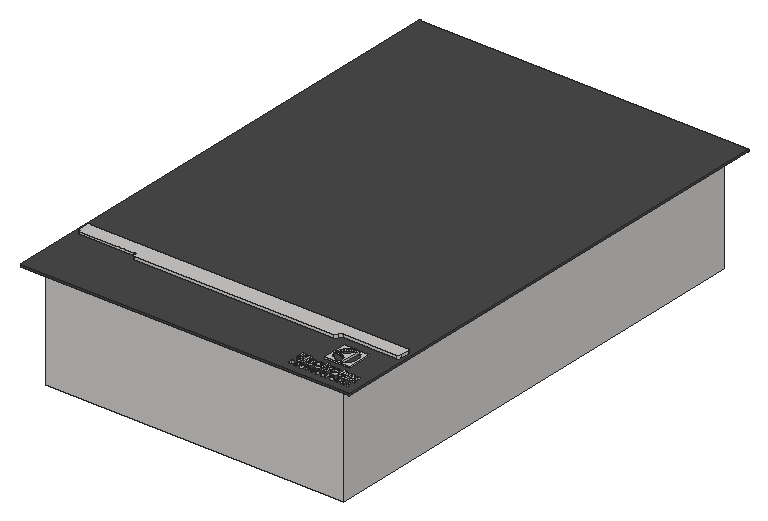
Revit family "QF_ELECTROLUXPROFESSIONAL_600902_E1HAEDOMCU", category Specialty Equipment, Revit 2018
Family settings
  Round Connector Dimension = Use Diameter
  Part Type = Normal
  Work Plane-Based = No
  Always vertical = Yes
  Cut with Voids When Loaded = No
  Shared = No
  Room Calculation Point = No
Parameters (values of type "Standard")
  Watts = 0 W
  Volts = 220 V
  URL = "http://professional.electrolux.com"
  Steam Supply Size = 0 mm
  Steam Supply Minimum Pressure = 0.0 Pa
  Steam Supply Maximum Pressure = 0.0 Pa
  Steam Pounds per Hour = 0
  Show Logo [instance] = yes
  Manufacturer = "Electrolux Professional"
  Phase = 1
  Model = "E1HAEDOMCS"
  Item Number = "600878"
  Hot Water Size = 0 mm
  HP = "4 HP"
  Gas Size = 0 mm
  Gas KW = 0
  Direct Waste Size = 0 mm
  Description = "PLUG-IN INDUCTION DOUBLE ZONE COOK TOP, DROP-IN"
  Cycle = 60 Hz
  Condensate Return Size = 0 mm
  Compressed Air Volume = 0.0 L/s
  Compressed Air Size = 0 mm
  Compressed Air Pressure = 0.0 Pa
  Cold Water Size = 0 mm
Values of the unnamed type that differ from the named types
  Volts = 0 V
  Item Number = ""
  Cycle = 0 Hz
Reference planes
  plane 1 "Centro (Fronte/Retro)": y = 74.737
  plane 2: z = 0
  plane 3: x = -514.269
  plane 4 "LEFT": x = -709.269
  plane 5 "RIGHT": x = -319.269
  plane 6 "BACK": y = 369.737
  plane 7 "FRONT": y = -220.263
  plane 8: y = -124.263
  plane 9: z = 774
  plane 10: x = -690.269
  plane 11: x = -338.269
  plane 12: y = 355.737
  plane 13: y = -205.263
  plane 14: x = -442.269
  plane 15: y = 179.737
  plane 16: z = 900
Forms (mm)
  Extrusion 1, solid, material "QF_Finishes_Stainless Steel"
    sketch origin (0, 0, 774) x (1, 0, 0) y (0, 1, 0)
      loop
        line (-341.269, 352.737) -> (-687.269, 352.737) -> (-687.269, -202.263) -> (-341.269, -202.263) -> (-341.269, 352.737)
      loop
        line (-690.269, 355.737) -> (-690.269, -205.263) -> (-338.269, -205.263) -> (-338.269, 355.737) -> (-690.269, 355.737)
    from 21 to 126
  Extrusion 2, solid, material "QF_Finishes_Black"
    sketch origin (0, 0, 900) x (-1, 0, 0) y (0, -1, 0)
      loop
        arc (707.269, -369.737) -> (708.683, -369.151) -> (709.269, -367.737) r 2
        line (709.269, -367.737) -> (709.269, 218.263)
        arc (709.269, 218.263) -> (708.683, 219.677) -> (707.269, 220.263) r 2
        line (707.269, 220.263) -> (321.269, 220.263)
        arc (321.269, 220.263) -> (319.854, 219.677) -> (319.269, 218.263) r 2
        line (319.269, 218.263) -> (319.269, -367.737)
        arc (319.269, -367.737) -> (319.854, -369.151) -> (321.269, -369.737) r 2
        line (321.269, -369.737) -> (707.269, -369.737)
    from 0 to 2
  Extrusion 3, solid, material "QF_Finishes_Stainless Steel"
    sketch origin (0, 0, 900) x (-1, 0, 0) y (0, -1, 0)
      loop
        arc (701.269, 124.263) -> (703.39, 125.142) -> (704.269, 127.263) r 3
        line (704.269, 127.263) -> (704.269, 137.763)
        arc (704.269, 137.763) -> (703.39, 139.884) -> (701.269, 140.763) r 3
        line (701.269, 140.763) -> (637.269, 140.763)
        arc (637.269, 140.763) -> (635.147, 141.642) -> (634.269, 143.763) r 3
        arc (634.269, 143.763) -> (633.39, 145.884) -> (631.269, 146.763) r 3
        line (631.269, 146.763) -> (397.269, 146.763)
        arc (397.269, 146.763) -> (395.147, 145.884) -> (394.269, 143.763) r 3
        arc (394.269, 143.763) -> (393.39, 141.642) -> (391.269, 140.763) r 3
        line (391.269, 140.763) -> (327.269, 140.763)
        arc (327.269, 140.763) -> (325.147, 139.884) -> (324.269, 137.763) r 3
        line (324.269, 137.763) -> (324.269, 127.263)
        arc (324.269, 127.263) -> (325.147, 125.142) -> (327.269, 124.263) r 3
        line (327.269, 124.263) -> (701.269, 124.263)
    from 2 to 5
  Extrusion 4, solid, material "QF_Finishes_Stainless Steel"
    sketch origin (0, 0, 775) x (1, 0, 0) y (0, 1, 0)
      loop
        line (-690.269, 355.737) -> (-690.269, -205.263) -> (-338.269, -205.263) -> (-338.269, 355.737) -> (-690.269, 355.737)
    from 0 to 20
  Extrusion 5, solid, material "QF_Finishes_Stainless Steel"
    sketch origin (0, 0, 127) x (-1, 0, 0) y (0, -1, 0)
      loop
        circle (442.269, -179.737) r 10
    from 638.028 to 648
Cuts and joins
  joined: Extrusion 1, Extrusion 4
Lines and regions (mm)
  Split face 1
    outline origin (0, 0, 902) x (-1, 0, 0) y (0, -1, 0)
      loop
        line (324.269, 124.263) -> (324.269, -364.737) -> (704.269, -364.737) -> (704.269, 124.263) -> (324.269, 124.263)
  Split face 2
    outline origin (0, 0, 902) x (-1, 0, 0) y (0, -1, 0)
      loop
        line (704.269, -364.737) -> (704.269, 124.263) -> (324.269, 124.263) -> (324.269, -364.737) -> (704.269, -364.737)
  Split face 3
    outline origin (0, 0, 902) x (-1, 0, 0) y (0, -1, 0)
      loop
        circle (514.269, -232.737) r 104
  Split face 4
    outline origin (0, 225.474, 902) x (-1, 0, 0) y (0, -1, 0)
      loop
        circle (514.269, 232.737) r 104
  symbolic lines
    curve 1: line (-701.269, -140.763, 126) -> (-637.269, -140.763, 126)
    curve 2: arc (-637.269, -140.763, 126) -> (-635.147, -141.642, 126) -> (-634.269, -143.763, 126) r 3
    curve 3: arc (-634.269, -143.763, 126) -> (-633.39, -145.884, 126) -> (-631.269, -146.763, 126) r 3
    curve 4: line (-631.269, -146.763, 126) -> (-397.269, -146.763, 126)
    curve 5: arc (-397.269, -146.763, 126) -> (-395.147, -145.884, 126) -> (-394.269, -143.763, 126) r 3
    curve 6: arc (-394.269, -143.763, 126) -> (-393.39, -141.642, 126) -> (-391.269, -140.763, 126) r 3
    curve 7: line (-391.269, -140.763, 126) -> (-327.269, -140.763, 126)
    curve 8: arc (-327.269, -140.763, 126) -> (-325.147, -139.884, 126) -> (-324.269, -137.763, 126) r 3
    curve 9: line (-324.269, -137.763, 126) -> (-324.269, -127.263, 126)
    curve 10: arc (-324.269, -127.263, 126) -> (-325.147, -125.142, 126) -> (-327.269, -124.263, 126) r 3
    curve 11: line (-324.269, -124.263, 126) -> (-704.269, -124.263, 126)
    curve 12: arc (-701.269, -124.263, 126) -> (-703.39, -125.142, 126) -> (-704.269, -127.263, 126) r 3
    curve 13: line (-704.269, -127.263, 126) -> (-704.269, -137.763, 126)
    curve 14: arc (-704.269, -137.763, 126) -> (-703.39, -139.884, 126) -> (-701.269, -140.763, 126) r 3
    curve 15: line (-704.269, -124.263, 126) -> (-704.269, 364.737, 126)
    curve 16: line (-324.269, 364.737, 126) -> (-324.269, -124.263, 126)
    curve 17: line (-704.269, 364.737, 126) -> (-324.269, 364.737, 126)
    curve 18: line (-321.269, 369.737, 126) -> (-707.269, 369.737, 126)
    curve 19: arc (-707.269, 369.737, 126) -> (-708.683, 369.151, 126) -> (-709.269, 367.737, 126) r 2
    curve 20: line (-709.269, 367.737, 126) -> (-709.269, -218.263, 126)
    curve 21: arc (-709.269, -218.263, 126) -> (-708.683, -219.677, 126) -> (-707.269, -220.263, 126) r 2
    curve 22: line (-707.269, -220.263, 126) -> (-321.269, -220.263, 126)
    curve 23: arc (-321.269, -220.263, 126) -> (-319.854, -219.677, 126) -> (-319.269, -218.263, 126) r 2
    curve 24: line (-319.269, -218.263, 126) -> (-319.269, 367.737, 126)
    curve 25: arc (-319.269, 367.737, 126) -> (-319.854, 369.151, 126) -> (-321.269, 369.737, 126) r 2
    curve 26: line (-378.626, -153.452, 126) -> (-378.626, -182.168, 126)
    curve 27: line (-349.912, -153.452, 126) -> (-378.626, -153.452, 126)
    curve 28: line (-349.912, -182.168, 126) -> (-349.912, -153.452, 126)
    curve 29: line (-378.626, -182.168, 126) -> (-349.912, -182.168, 126)
    curve 30: line (-366.78, -170.975, 126) -> (-365.524, -171.98, 126)
    curve 31: line (-365.524, -171.98, 126) -> (-364.403, -173.12, 126)
    curve 32: line (-364.403, -173.12, 126) -> (-363.439, -174.381, 126)
    curve 33: line (-363.439, -174.381, 126) -> (-362.652, -175.748, 126)
    curve 34: arc (-362.652, -175.748, 126) -> (-361.85, -177.982, 126) -> (-361.568, -180.34, 126) r 10.532
    curve 35: arc (-361.568, -180.34, 126) -> (-362.906, -180.548, 126) -> (-364.258, -180.63, 126) r 14.39
    curve 36: line (-364.258, -180.63, 126) -> (-365.828, -180.532, 126)
    curve 37: line (-365.828, -180.532, 126) -> (-367.331, -180.252, 126)
    curve 38: line (-367.331, -180.252, 126) -> (-368.77, -179.801, 126)
    curve 39: line (-368.77, -179.801, 126) -> (-370.134, -179.191, 126)
    curve 40: line (-370.134, -179.191, 126) -> (-371.411, -178.434, 126)
    curve 41: line (-371.411, -178.434, 126) -> (-372.589, -177.541, 126)
    curve 42: line (-372.589, -177.541, 126) -> (-373.656, -176.525, 126)
    curve 43: line (-373.656, -176.525, 126) -> (-374.6, -175.397, 126)
    curve 44: line (-374.6, -175.397, 126) -> (-375.41, -174.168, 126)
    curve 45: line (-375.41, -174.168, 126) -> (-376.073, -172.852, 126)
    curve 46: line (-376.073, -172.852, 126) -> (-376.579, -171.46, 126)
    curve 47: line (-376.579, -171.46, 126) -> (-376.915, -170.003, 126)
    curve 48: line (-376.915, -170.003, 126) -> (-377.069, -168.493, 126)
    curve 49: line (-377.069, -168.493, 126) -> (-374.35, -168.493, 126)
    curve 50: line (-374.35, -168.493, 126) -> (-372.734, -168.602, 126)
    curve 51: line (-372.734, -168.602, 126) -> (-371.148, -168.919, 126)
    curve 52: line (-371.148, -168.919, 126) -> (-369.613, -169.43, 126)
    curve 53: line (-369.613, -169.43, 126) -> (-368.15, -170.12, 126)
    curve 54: line (-368.15, -170.12, 126) -> (-366.78, -170.975, 126)
    curve 55: line (-364.403, -162.507, 126) -> (-365.524, -163.648, 126)
    curve 56: line (-365.524, -163.648, 126) -> (-366.781, -164.654, 126)
    curve 57: line (-366.781, -164.654, 126) -> (-368.151, -165.509, 126)
    curve 58: line (-368.151, -165.509, 126) -> (-369.615, -166.2, 126)
    curve 59: line (-369.615, -166.2, 126) -> (-371.15, -166.712, 126)
    curve 60: line (-371.15, -166.712, 126) -> (-372.736, -167.029, 126)
    curve 61: line (-372.736, -167.029, 126) -> (-374.352, -167.138, 126)
    curve 62: line (-374.352, -167.138, 126) -> (-377.067, -167.138, 126)
    curve 63: line (-377.067, -167.138, 126) -> (-376.852, -165.495, 126)
    curve 64: line (-376.852, -165.495, 126) -> (-376.439, -163.92, 126)
    curve 65: line (-376.439, -163.92, 126) -> (-375.841, -162.424, 126)
    curve 66: line (-375.841, -162.424, 126) -> (-375.07, -161.023, 126)
    curve 67: line (-375.07, -161.023, 126) -> (-374.141, -159.732, 126)
    curve 68: line (-374.141, -159.732, 126) -> (-373.065, -158.564, 126)
    curve 69: line (-373.065, -158.564, 126) -> (-371.856, -157.535, 126)
    curve 70: line (-371.856, -157.535, 126) -> (-370.527, -156.661, 126)
    curve 71: line (-370.527, -156.661, 126) -> (-369.091, -155.954, 126)
    curve 72: line (-369.091, -155.954, 126) -> (-367.562, -155.431, 126)
    curve 73: line (-367.562, -155.431, 126) -> (-365.952, -155.107, 126)
    curve 74: arc (-365.952, -155.107, 126) -> (-363.752, -155.007, 126) -> (-361.567, -155.279, 126) r 13.008
    curve 75: arc (-361.567, -155.279, 126) -> (-361.815, -157.647, 126) -> (-362.651, -159.876, 126) r 9.395
    curve 76: line (-362.651, -159.876, 126) -> (-363.438, -161.245, 126)
    curve 77: line (-363.438, -161.245, 126) -> (-364.403, -162.507, 126)
    curve 78: line (-360.221, -179.969, 126) -> (-360.221, -155.646, 126)
    curve 79: line (-360.221, -155.646, 126) -> (-358.743, -156.237, 126)
    curve 80: line (-358.743, -156.237, 126) -> (-357.363, -157.003, 126)
    curve 81: line (-357.363, -157.003, 126) -> (-356.095, -157.931, 126)
    curve 82: line (-356.095, -157.931, 126) -> (-354.951, -159.007, 126)
    curve 83: line (-354.951, -159.007, 126) -> (-353.945, -160.217, 126)
    curve 84: line (-353.945, -160.217, 126) -> (-353.092, -161.548, 126)
    curve 85: line (-353.092, -161.548, 126) -> (-352.403, -162.986, 126)
    curve 86: line (-352.403, -162.986, 126) -> (-351.894, -164.517, 126)
    curve 87: line (-351.894, -164.517, 126) -> (-351.576, -166.128, 126)
    curve 88: line (-351.576, -166.128, 126) -> (-351.464, -167.804, 126)
    curve 89: line (-351.464, -167.804, 126) -> (-351.567, -169.456, 126)
    curve 90: line (-351.567, -169.456, 126) -> (-351.873, -171.047, 126)
    curve 91: line (-351.873, -171.047, 126) -> (-352.372, -172.563, 126)
    curve 92: line (-352.372, -172.563, 126) -> (-353.05, -173.992, 126)
    curve 93: line (-353.05, -173.992, 126) -> (-353.897, -175.319, 126)
    curve 94: line (-353.897, -175.319, 126) -> (-354.899, -176.532, 126)
    curve 95: line (-354.899, -176.532, 126) -> (-356.044, -177.617, 126)
    curve 96: line (-356.044, -177.617, 126) -> (-357.321, -178.56, 126)
    curve 97: line (-357.321, -178.56, 126) -> (-358.718, -179.349, 126)
    curve 98: line (-358.718, -179.349, 126) -> (-360.221, -179.969, 126)
    curve 99: line (-392.542, -189.445, 126) -> (-399.495, -189.445, 126)
    curve 100: line (-399.495, -189.445, 126) -> (-399.495, -193.353, 126)
    curve 101: line (-399.495, -193.353, 126) -> (-399.495, -197.154, 126)
    curve 102: arc (-399.495, -197.154, 126) -> (-398.466, -199.638, 126) -> (-395.982, -200.667, 126) r 3.513
    curve 103: line (-395.982, -200.667, 126) -> (-392.408, -200.667, 126)
    curve 104: line (-392.408, -200.667, 126) -> (-392.408, -198.85, 126)
    curve 105: line (-392.408, -198.85, 126) -> (-395.966, -198.85, 126)
    curve 106: arc (-395.966, -198.85, 126) -> (-397.094, -198.382, 126) -> (-397.562, -197.254, 126) r 1.596
    curve 107: line (-397.562, -197.254, 126) -> (-397.562, -195.74, 126)
    curve 108: line (-397.562, -195.74, 126) -> (-392.843, -195.74, 126)
    curve 109: line (-392.843, -195.74, 126) -> (-392.843, -193.917, 126)
    curve 110: line (-392.843, -193.917, 126) -> (-397.563, -193.917, 126)
    curve 111: line (-397.563, -193.917, 126) -> (-397.563, -191.264, 126)
    curve 112: line (-397.563, -191.264, 126) -> (-392.542, -191.264, 126)
    curve 113: line (-392.542, -191.264, 126) -> (-392.542, -189.445, 126)
    curve 114: line (-391.035, -189.455, 126) -> (-391.035, -194.76, 126)
    curve 115: line (-391.035, -194.76, 126) -> (-391.035, -200.681, 126)
    curve 116: line (-391.035, -200.681, 126) -> (-389.101, -200.681, 126)
    curve 117: line (-389.101, -200.681, 126) -> (-389.101, -194.721, 126)
    curve 118: line (-389.101, -194.721, 126) -> (-389.101, -189.455, 126)
    curve 119: line (-389.101, -189.455, 126) -> (-391.035, -189.455, 126)
    curve 120: arc (-380.394, -193.787, 126) -> (-383.654, -192.313, 126) -> (-386.913, -193.787, 126) r 4.34
    curve 121: arc (-386.913, -193.787, 126) -> (-387.819, -196.606, 126) -> (-386.913, -199.425, 126) r 4.838
    curve 122: arc (-386.913, -199.425, 126) -> (-383.498, -200.88, 126) -> (-380.082, -199.425, 126) r 4.737
    curve 123: line (-380.082, -199.425, 126) -> (-381.246, -198.293, 126)
    curve 124: arc (-381.246, -198.293, 126) -> (-383.382, -199.237, 126) -> (-385.517, -198.293, 126) r 2.888
    curve 125: arc (-385.517, -198.293, 126) -> (-385.841, -197.736, 126) -> (-385.905, -197.095, 126) r 1.527
    curve 126: line (-385.905, -197.095, 126) -> (-379.564, -197.095, 126)
    curve 127: arc (-379.564, -197.095, 126) -> (-379.672, -195.364, 126) -> (-380.394, -193.787, 126) r 4.757
    curve 128: arc (-385.858, -195.736, 126) -> (-385.043, -194.411, 126) -> (-383.56, -193.941, 126) r 2.23
    curve 129: arc (-383.56, -193.941, 126) -> (-382.221, -194.482, 126) -> (-381.505, -195.736, 126) r 2.201
    curve 130: line (-381.505, -195.736, 126) -> (-385.858, -195.736, 126)
    curve 131: arc (-370.832, -193.681, 126) -> (-378.564, -196.594, 126) -> (-370.832, -199.507, 126) r 4.415
    curve 132: line (-370.832, -199.507, 126) -> (-372.029, -198.26, 126)
    curve 133: arc (-372.029, -198.26, 126) -> (-376.639, -196.593, 126) -> (-372.029, -194.927, 126) r 2.606
    curve 134: line (-372.029, -194.927, 126) -> (-370.832, -193.681, 126)
    curve 135: line (-369.629, -189.455, 126) -> (-369.629, -193.481, 126)
    curve 136: line (-369.629, -193.481, 126) -> (-369.629, -197.299, 126)
    curve 137: arc (-369.629, -197.299, 126) -> (-368.592, -199.893, 126) -> (-365.911, -200.681, 126) r 3.196
    curve 138: line (-365.911, -200.681, 126) -> (-365.904, -198.864, 126)
    curve 139: arc (-365.904, -198.864, 126) -> (-367.239, -198.457, 126) -> (-367.699, -197.14, 126) r 1.542
    curve 140: line (-367.699, -197.14, 126) -> (-367.699, -194.319, 126)
    curve 141: line (-367.699, -194.319, 126) -> (-365.94, -194.319, 126)
    curve 142: line (-365.94, -194.319, 126) -> (-365.94, -192.562, 126)
    curve 143: line (-365.94, -192.562, 126) -> (-367.696, -192.562, 126)
    curve 144: line (-367.696, -192.562, 126) -> (-367.696, -189.455, 126)
    curve 145: line (-367.696, -189.455, 126) -> (-369.629, -189.455, 126)
    curve 146: arc (-359.402, -192.451, 126) -> (-361.13, -192.587, 126) -> (-362.397, -193.771, 126) r 2.627
    curve 147: line (-362.397, -193.771, 126) -> (-362.397, -192.563, 126)
    curve 148: line (-362.397, -192.563, 126) -> (-364.315, -192.563, 126)
    curve 149: line (-364.315, -192.563, 126) -> (-364.315, -196.541, 126)
    curve 150: line (-364.315, -196.541, 126) -> (-364.315, -200.681, 126)
    curve 151: line (-364.315, -200.681, 126) -> (-362.397, -200.681, 126)
    curve 152: line (-362.397, -200.681, 126) -> (-362.397, -196.412, 126)
    curve 153: arc (-362.397, -196.412, 126) -> (-361.445, -194.585, 126) -> (-359.402, -194.319, 126) r 2.229
    curve 154: line (-359.402, -194.319, 126) -> (-359.402, -192.451, 126)
    curve 155: arc (-359.088, -196.625, 126) -> (-354.668, -201.046, 126) -> (-350.248, -196.625, 126) r 4.42
    curve 156: arc (-350.248, -196.625, 126) -> (-354.668, -192.205, 126) -> (-359.088, -196.625, 126) r 4.42
    curve 157: arc (-357.176, -196.625, 126) -> (-354.668, -194.117, 126) -> (-352.16, -196.625, 126) r 2.508
    curve 158: arc (-352.16, -196.625, 126) -> (-354.668, -199.134, 126) -> (-357.176, -196.625, 126) r 2.508
    curve 159: line (-349.058, -194.566, 126) -> (-349.058, -200.682, 126)
    curve 160: line (-349.058, -200.682, 126) -> (-347.124, -200.682, 126)
    curve 161: line (-347.124, -200.682, 126) -> (-347.124, -194.643, 126)
    curve 162: line (-347.124, -194.643, 126) -> (-347.124, -189.454, 126)
    curve 163: line (-347.124, -189.454, 126) -> (-349.058, -189.454, 126)
    curve 164: line (-349.058, -189.454, 126) -> (-349.058, -194.566, 126)
    curve 165: line (-345.646, -192.562, 126) -> (-345.646, -194.915, 126)
    curve 166: line (-345.646, -194.915, 126) -> (-345.646, -197.715, 126)
    curve 167: arc (-345.646, -197.715, 126) -> (-341.931, -201.044, 126) -> (-338.204, -197.728, 126) r 3.745
    curve 168: line (-338.204, -197.728, 126) -> (-338.204, -194.915, 126)
    curve 169: line (-338.204, -194.915, 126) -> (-338.204, -192.562, 126)
    curve 170: line (-338.204, -192.562, 126) -> (-340.152, -192.562, 126)
    curve 171: line (-340.152, -192.562, 126) -> (-340.152, -197.299, 126)
    curve 172: arc (-340.152, -197.299, 126) -> (-341.925, -199.071, 126) -> (-343.697, -197.299, 126) r 1.772
    curve 173: line (-343.697, -197.299, 126) -> (-343.697, -192.562, 126)
    curve 174: line (-343.697, -192.562, 126) -> (-345.646, -192.562, 126)
    curve 175: line (-331.418, -192.563, 126) -> (-333.174, -194.995, 126)
    curve 176: line (-333.174, -194.995, 126) -> (-334.946, -192.563, 126)
    curve 177: line (-334.946, -192.563, 126) -> (-337.039, -192.563, 126)
    curve 178: line (-337.039, -192.563, 126) -> (-335.839, -194.205, 126)
    curve 179: line (-335.839, -194.205, 126) -> (-334.237, -196.397, 126)
    curve 180: line (-334.237, -196.397, 126) -> (-335.916, -198.735, 126)
    curve 181: line (-335.916, -198.735, 126) -> (-337.313, -200.682, 126)
    curve 182: line (-337.313, -200.682, 126) -> (-335.235, -200.682, 126)
    curve 183: line (-335.235, -200.682, 126) -> (-333.174, -197.813, 126)
    curve 184: line (-333.174, -197.813, 126) -> (-331.112, -200.682, 126)
    curve 185: line (-331.112, -200.682, 126) -> (-329.034, -200.682, 126)
    curve 186: line (-329.034, -200.682, 126) -> (-330.891, -198.085, 126)
    curve 187: line (-330.891, -198.085, 126) -> (-332.11, -196.38, 126)
    curve 188: line (-332.11, -196.38, 126) -> (-330.601, -194.325, 126)
    curve 189: line (-330.601, -194.325, 126) -> (-329.308, -192.563, 126)
    curve 190: line (-329.308, -192.563, 126) -> (-331.418, -192.563, 126)
    curve 191: line (-331.398, -205.699, 126) -> (-331.398, -209.59, 126)
    curve 192: line (-331.398, -209.59, 126) -> (-329.102, -209.59, 126)
    curve 193: line (-329.102, -209.59, 126) -> (-329.102, -208.79, 126)
    curve 194: line (-329.102, -208.79, 126) -> (-330.599, -208.79, 126)
    curve 195: line (-330.599, -208.79, 126) -> (-330.599, -205.699, 126)
    curve 196: line (-330.599, -205.699, 126) -> (-331.398, -205.699, 126)
    curve 197: line (-334.574, -209.59, 126) -> (-336.095, -205.7, 126)
    curve 198: line (-336.095, -205.7, 126) -> (-336.895, -205.7, 126)
    curve 199: line (-336.895, -205.7, 126) -> (-338.488, -209.59, 126)
    curve 200: line (-338.488, -209.59, 126) -> (-337.629, -209.59, 126)
    curve 201: line (-337.629, -209.59, 126) -> (-337.25, -208.75, 126)
    curve 202: line (-337.25, -208.75, 126) -> (-335.811, -208.75, 126)
    curve 203: line (-335.811, -208.75, 126) -> (-335.432, -209.59, 126)
    curve 204: line (-335.432, -209.59, 126) -> (-334.574, -209.59, 126)
    curve 205: line (-336.947, -207.983, 126) -> (-336.529, -206.965, 126)
    curve 206: line (-336.529, -206.965, 126) -> (-336.131, -207.983, 126)
    curve 207: line (-336.131, -207.983, 126) -> (-336.947, -207.983, 126)
    curve 208: line (-341.641, -209.59, 126) -> (-341.641, -205.699, 126)
    curve 209: line (-341.641, -205.699, 126) -> (-342.471, -205.699, 126)
    curve 210: line (-342.471, -205.699, 126) -> (-342.471, -208.219, 126)
    curve 211: line (-342.471, -208.219, 126) -> (-344.251, -205.699, 126)
    curve 212: line (-344.251, -205.699, 126) -> (-345.051, -205.699, 126)
    curve 213: line (-345.051, -205.699, 126) -> (-345.051, -209.59, 126)
    curve 214: line (-345.051, -209.59, 126) -> (-344.221, -209.59, 126)
    curve 215: line (-344.221, -209.59, 126) -> (-344.221, -207.143, 126)
    curve 216: line (-344.221, -207.143, 126) -> (-342.441, -209.59, 126)
    curve 217: line (-342.441, -209.59, 126) -> (-341.641, -209.59, 126)
    curve 218: arc (-349.119, -207.668, 126) -> (-350.407, -208.956, 126) -> (-351.695, -207.668, 126) r 1.288
    curve 219: arc (-351.695, -207.668, 126) -> (-350.407, -206.38, 126) -> (-349.119, -207.668, 126) r 1.288
    curve 220: arc (-348.342, -207.668, 126) -> (-350.407, -205.603, 126) -> (-352.472, -207.668, 126) r 2.065
    curve 221: arc (-352.472, -207.668, 126) -> (-350.407, -209.733, 126) -> (-348.342, -207.668, 126) r 2.065
    curve 222: line (-355.791, -209.59, 126) -> (-355.791, -205.699, 126)
    curve 223: line (-355.791, -205.699, 126) -> (-356.591, -205.699, 126)
    curve 224: line (-356.591, -205.699, 126) -> (-356.591, -209.59, 126)
    curve 225: line (-356.591, -209.59, 126) -> (-355.791, -209.59, 126)
    curve 226: arc (-360.746, -209.568, 126) -> (-359.926, -208.793, 126) -> (-360.211, -207.702, 126) r 1.107
    curve 227: arc (-360.211, -207.702, 126) -> (-360.788, -207.348, 126) -> (-361.405, -207.067, 126) r 5.523
    curve 228: arc (-361.405, -207.067, 126) -> (-361.745, -206.55, 126) -> (-361.183, -206.293, 126) r 0.407
    curve 229: arc (-361.183, -206.293, 126) -> (-360.846, -206.498, 126) -> (-360.566, -206.775, 126) r 1.702
    curve 230: line (-360.566, -206.775, 126) -> (-359.88, -206.363, 126)
    curve 231: arc (-359.88, -206.363, 126) -> (-360.313, -205.902, 126) -> (-360.848, -205.566, 126) r 2.463
    curve 232: arc (-360.848, -205.566, 126) -> (-362.518, -206.347, 126) -> (-361.471, -207.864, 126) r 1.207
    curve 233: line (-361.471, -207.864, 126) -> (-361.009, -208.812, 126)
    curve 234: arc (-361.009, -208.812, 126) -> (-361.653, -208.798, 126) -> (-362.132, -208.367, 126) r 0.925
    curve 235: line (-362.132, -208.367, 126) -> (-362.851, -208.718, 126)
    curve 236: arc (-362.851, -208.718, 126) -> (-361.958, -209.538, 126) -> (-360.746, -209.568, 126) r 1.725
    curve 237: arc (-366.606, -209.568, 126) -> (-365.785, -208.793, 126) -> (-366.071, -207.702, 126) r 1.107
    curve 238: arc (-366.071, -207.702, 126) -> (-366.648, -207.348, 126) -> (-367.264, -207.067, 126) r 5.523
    curve 239: arc (-367.264, -207.067, 126) -> (-367.604, -206.55, 126) -> (-367.043, -206.293, 126) r 0.407
    curve 240: arc (-367.043, -206.293, 126) -> (-366.706, -206.498, 126) -> (-366.425, -206.775, 126) r 1.702
    curve 241: line (-366.425, -206.775, 126) -> (-365.74, -206.363, 126)
    curve 242: arc (-365.74, -206.363, 126) -> (-366.172, -205.902, 126) -> (-366.708, -205.566, 126) r 2.463
    curve 243: arc (-366.708, -205.566, 126) -> (-368.378, -206.347, 126) -> (-367.331, -207.864, 126) r 1.207
    curve 244: line (-367.331, -207.864, 126) -> (-366.868, -208.812, 126)
    curve 245: arc (-366.868, -208.812, 126) -> (-367.513, -208.798, 126) -> (-367.991, -208.367, 126) r 0.925
    curve 246: line (-367.991, -208.367, 126) -> (-368.711, -208.718, 126)
    curve 247: arc (-368.711, -208.718, 126) -> (-367.818, -209.538, 126) -> (-366.606, -209.568, 126) r 1.725
    curve 248: line (-373.017, -209.59, 126) -> (-371.761, -209.59, 126)
    curve 249: line (-371.761, -209.59, 126) -> (-371.761, -208.79, 126)
    curve 250: line (-371.761, -208.79, 126) -> (-372.922, -208.79, 126)
    curve 251: arc (-372.922, -208.79, 126) -> (-373.361, -208.576, 126) -> (-373.464, -208.099, 126) r 0.558
    curve 252: line (-373.464, -208.099, 126) -> (-371.907, -208.099, 126)
    curve 253: line (-371.907, -208.099, 126) -> (-371.907, -207.299, 126)
    curve 254: line (-371.907, -207.299, 126) -> (-373.464, -207.299, 126)
    curve 255: line (-373.464, -207.299, 126) -> (-373.464, -206.499, 126)
    curve 256: line (-373.464, -206.499, 126) -> (-371.799, -206.499, 126)
    curve 257: line (-371.799, -206.499, 126) -> (-371.799, -205.699, 126)
    curve 258: line (-371.799, -205.699, 126) -> (-374.264, -205.699, 126)
    curve 259: line (-374.264, -205.699, 126) -> (-374.264, -208.344, 126)
    curve 260: arc (-374.264, -208.344, 126) -> (-373.899, -209.225, 126) -> (-373.017, -209.59, 126) r 1.246
    curve 261: line (-379.169, -209.59, 126) -> (-379.169, -208.099, 126)
    curve 262: line (-379.169, -208.099, 126) -> (-377.704, -208.099, 126)
    curve 263: line (-377.704, -208.099, 126) -> (-377.704, -207.299, 126)
    curve 264: line (-377.704, -207.299, 126) -> (-379.169, -207.299, 126)
    curve 265: line (-379.169, -207.299, 126) -> (-379.169, -206.499, 126)
    curve 266: line (-379.169, -206.499, 126) -> (-377.564, -206.499, 126)
    curve 267: line (-377.564, -206.499, 126) -> (-377.564, -205.699, 126)
    curve 268: line (-377.564, -205.699, 126) -> (-379.969, -205.699, 126)
    curve 269: line (-379.969, -205.699, 126) -> (-379.969, -209.59, 126)
    curve 270: line (-379.969, -209.59, 126) -> (-379.169, -209.59, 126)
    curve 271: arc (-387.472, -207.668, 126) -> (-385.407, -209.733, 126) -> (-383.342, -207.668, 126) r 2.065
    curve 272: arc (-384.119, -207.668, 126) -> (-385.407, -208.956, 126) -> (-386.695, -207.668, 126) r 1.288
    curve 273: arc (-386.695, -207.668, 126) -> (-385.407, -206.38, 126) -> (-384.119, -207.668, 126) r 1.288
    curve 274: arc (-383.342, -207.668, 126) -> (-385.407, -205.603, 126) -> (-387.472, -207.668, 126) r 2.065
    curve 275: line (-390.05, -209.59, 126) -> (-391.058, -207.929, 126)
    curve 276: arc (-391.058, -207.929, 126) -> (-390.677, -206.531, 126) -> (-391.863, -205.699, 126) r 1.26
    curve 277: line (-391.863, -205.699, 126) -> (-393.389, -205.699, 126)
    curve 278: line (-393.389, -205.699, 126) -> (-393.389, -209.59, 126)
    curve 279: line (-393.389, -209.59, 126) -> (-392.589, -209.59, 126)
    curve 280: line (-392.589, -209.59, 126) -> (-392.589, -208.249, 126)
    curve 281: line (-392.589, -208.249, 126) -> (-391.763, -208.249, 126)
    curve 282: line (-391.763, -208.249, 126) -> (-390.957, -209.59, 126)
    curve 283: line (-390.957, -209.59, 126) -> (-390.05, -209.59, 126)
    curve 284: line (-391.782, -207.52, 126) -> (-392.589, -207.52, 126)
    curve 285: line (-392.589, -207.52, 126) -> (-392.589, -206.434, 126)
    curve 286: line (-392.589, -206.434, 126) -> (-391.782, -206.434, 126)
    curve 287: arc (-391.782, -206.434, 126) -> (-391.383, -206.977, 126) -> (-391.782, -207.52, 126) r 0.569
    curve 288: line (-398.667, -209.59, 126) -> (-398.667, -208.271, 126)
    curve 289: line (-398.667, -208.271, 126) -> (-397.697, -208.271, 126)
    curve 290: arc (-397.697, -208.271, 126) -> (-396.674, -206.863, 126) -> (-397.967, -205.699, 126) r 1.3
    curve 291: line (-397.967, -205.699, 126) -> (-399.467, -205.699, 126)
    curve 292: line (-399.467, -205.699, 126) -> (-399.467, -209.59, 126)
    curve 293: line (-399.467, -209.59, 126) -> (-398.667, -209.59, 126)
    curve 294: line (-397.861, -207.52, 126) -> (-398.667, -207.52, 126)
    curve 295: line (-398.667, -207.52, 126) -> (-398.667, -206.434, 126)
    curve 296: line (-398.667, -206.434, 126) -> (-397.861, -206.434, 126)
    curve 297: arc (-397.861, -206.434, 126) -> (-397.461, -206.977, 126) -> (-397.861, -207.52, 126) r 0.569
    curve 298: arc (-410.269, 232.737, 126) -> (-514.269, 336.737, 126) -> (-618.269, 232.737, 126) r 104
    curve 299: arc (-618.269, 232.737, 126) -> (-514.269, 128.737, 126) -> (-410.269, 232.737, 126) r 104
    curve 300: arc (-618.269, -7.263, 126) -> (-514.269, 96.737, 126) -> (-410.269, -7.263, 126) r 104
    curve 301: arc (-410.269, -7.263, 126) -> (-514.269, -111.263, 126) -> (-618.269, -7.263, 126) r 104
Dimensions and locks
  equal spacing: plane 4 "LEFT", plane 3, plane 5 "RIGHT"
  plane 4 "LEFT" to plane 5 "RIGHT" = 390 mm
  equal spacing: plane 6 "BACK", plane 1 "Centro (Fronte/Retro)", plane 7 "FRONT"
  plane 6 "BACK" to plane 7 "FRONT" = 590 mm
  locked: plane 4 "LEFT" to plane 10 at 19
  locked: plane 11 to plane 5 "RIGHT" at 19
  locked: plane 6 "BACK" to plane 12 at 14
  locked: plane 13 to plane 7 "FRONT" at 15
  locked: plane 14 to plane 5 "RIGHT" at 123
  plane 6 "BACK" to plane 15 = 190 mm
  plane 16 to level = 900 mm
  Extrusion 2 to Extrusion 4 = 127 mm
  aligned and locked: level to plane 2
Automatic sketch dimensions
  curve 155 to curve 157 = 0 mm  (x2)
  curve 167 to curve 172 = 0 mm  (x2)
  curve 218 to curve 220 = 0 mm  (x2)
  curve 228 to curve 232 = 0 mm  (x2)
  curve 234 to curve 236 = 0 mm  (x2)
  curve 239 to curve 243 = 0 mm  (x2)
  curve 245 to curve 247 = 0 mm  (x2)
  curve 271 to curve 272 = 0 mm  (x2)
  curve 24 to plane 5 "RIGHT" = 0 mm
  curve 25 to plane 6 "BACK" = 0 mm
  curve 22 to plane 7 "FRONT" = 0 mm
  curve 16 to plane 8 = 0 mm
  curve 20 to plane 4 "LEFT" = 0 mm
  curve 23 to plane 5 "RIGHT" = 2 mm
  curve 25 to plane 5 "RIGHT" = 2 mm
  curve 9 to plane 8 = 3 mm
  curve 9 to plane 5 "RIGHT" = 5 mm
  curve 25 to curve 17 = 3 mm
  curve 8 to curve 8 = 3 mm
  plane 13 to curve 185 = 4.581 mm
  plane 11 to curve 185 = 9.234 mm
  curve 193 to plane 13 = 3.527 mm
  curve 185 to curve 193 = 0.068 mm
  curve 185 to curve 189 = 0.273 mm
  curve 196 to plane 13 = 0.436 mm
  curve 193 to curve 196 = 1.496 mm
  curve 189 to curve 189 = 1.293 mm
  curve 185 to curve 186 = 1.857 mm
  curve 185 to curve 185 = 2.078 mm
  curve 195 to curve 191 = 0.8 mm
  curve 188 to curve 175 = 0.817 mm
  curve 186 to curve 188 = 1.22 mm
  curve 187 to curve 175 = 1.064 mm
  curve 187 to curve 183 = 1.064 mm
  curve 175 to curve 179 = 1.063 mm
  curve 191 to curve 204 = 3.175 mm
  curve 175 to curve 176 = 1.772 mm
  plane 11 to curve 182 = 3.033 mm
  curve 197 to curve 203 = 0.859 mm
  curve 203 to curve 203 = 0.379 mm
  curve 176 to curve 179 = 0.893 mm
  curve 182 to curve 181 = 0.68 mm
  curve 198 to plane 13 = 0.437 mm
  plane 11 to curve 198 = 2.174 mm
  curve 202 to curve 207 = 0.32 mm
  curve 206 to curve 205 = 0.398 mm
  curve 197 to curve 198 = 0.8 mm
  curve 206 to curve 205 = 0.815 mm
  plane 11 to curve 177 = 1.23 mm
  curve 205 to curve 201 = 0.304 mm
  plane 11 to curve 181 = 0.955 mm
  plane 11 to curve 200 = 0.64 mm
  plane 11 to curve 169 = 0.064 mm
  curve 199 to plane 11 = 0.219 mm
  curve 170 to plane 11 = 1.884 mm
  curve 209 to plane 13 = 0.436 mm
  curve 209 to plane 11 = 3.372 mm
  curve 172 to curve 167 = 1.772 mm
  curve 208 to curve 217 = 0.8 mm
  curve 208 to curve 209 = 0.83 mm
  curve 210 to curve 215 = 1.749 mm
  curve 211 to plane 13 = 0.436 mm
  curve 215 to curve 211 = 0.031 mm
  curve 211 to curve 213 = 0.8 mm
  curve 173 to curve 174 = 1.95 mm
  curve 165 to curve 161 = 1.478 mm
  curve 161 to curve 164 = 1.934 mm
  curve 27 to plane 11 = 11.643 mm
  curve 221 to plane 13 = 2.405 mm
  curve 213 to curve 221 = 5.356 mm
  curve 88 to plane 11 = 13.196 mm
  curve 88 to curve 89 = 0.102 mm
  curve 88 to curve 87 = 0.112 mm
  curve 89 to curve 90 = 0.306 mm
  curve 87 to curve 87 = 0.317 mm
  curve 90 to curve 91 = 0.499 mm
  curve 86 to curve 85 = 0.51 mm
  curve 91 to curve 93 = 0.679 mm
  curve 85 to curve 85 = 0.688 mm
  curve 92 to curve 93 = 0.846 mm
  curve 84 to curve 83 = 0.854 mm
  curve 159 to curve 158 = 5.61 mm
  curve 93 to curve 94 = 1.002 mm
  curve 83 to curve 83 = 1.005 mm
  curve 223 to plane 13 = 0.436 mm
  curve 218 to curve 223 = 5.384 mm
  curve 94 to curve 96 = 1.146 mm
  curve 82 to curve 81 = 1.144 mm
  curve 222 to curve 223 = 0.8 mm
  curve 95 to curve 97 = 1.277 mm
  curve 81 to curve 81 = 1.269 mm
  curve 96 to curve 98 = 1.396 mm
  curve 80 to curve 79 = 1.38 mm
  curve 155 to curve 154 = 4.734 mm
  curve 230 to plane 13 = 1.1 mm
  curve 223 to curve 230 = 3.289 mm
  curve 153 to curve 146 = 0.669 mm
  curve 146 to curve 153 = 0.097 mm
  curve 79 to curve 78 = 1.478 mm
  curve 230 to plane 13 = 1.512 mm
  curve 231 to curve 230 = 0.686 mm
  curve 230 to curve 226 = 0.424 mm
  curve 233 to plane 13 = 3.549 mm
  curve 226 to curve 233 = 0.019 mm
  curve 226 to curve 234 = 0.322 mm
  curve 229 to curve 228 = 0.787 mm
  curve 233 to plane 13 = 2.601 mm
  curve 234 to curve 233 = 0.159 mm
  curve 233 to curve 231 = 0.407 mm
  curve 231 to curve 229 = 0.016 mm
  curve 235 to plane 13 = 3.104 mm
  curve 229 to curve 235 = 0.238 mm
  curve 153 to curve 151 = 2.229 mm
  curve 146 to curve 147 = 2.326 mm
  curve 78 to curve 76 = 2.43 mm
  curve 78 to curve 33 = 2.431 mm
  curve 235 to plane 13 = 3.455 mm
  curve 234 to curve 235 = 0.719 mm
  curve 236 to curve 227 = 0.53 mm
  curve 75 to curve 77 = 0.787 mm
  curve 34 to curve 33 = 0.787 mm
  curve 78 to curve 36 = 4.037 mm
  curve 32 to curve 74 = 0.823 mm
  curve 152 to curve 150 = 1.918 mm
  curve 76 to curve 77 = 0.965 mm
  curve 32 to curve 32 = 0.964 mm
  curve 74 to curve 35 = 0.187 mm
  curve 31 to curve 31 = 1.121 mm
  curve 55 to curve 56 = 1.121 mm
  curve 241 to plane 13 = 1.1 mm
  curve 236 to curve 241 = 2.889 mm
  curve 35 to curve 37 = 1.57 mm
  plane 13 to curve 138 = 6.399 mm
  curve 150 to curve 138 = 1.589 mm
  plane 13 to curve 138 = 4.582 mm
  curve 150 to curve 138 = 1.596 mm
  curve 148 to curve 143 = 1.625 mm
  curve 78 to curve 73 = 5.73 mm
  curve 138 to curve 139 = 0.266 mm
  curve 241 to plane 13 = 1.512 mm
  curve 242 to curve 241 = 0.686 mm
  curve 139 to curve 137 = 0.271 mm
  curve 30 to curve 30 = 1.256 mm
  curve 55 to curve 57 = 1.256 mm
  curve 240 to curve 237 = 0.424 mm
  curve 244 to plane 13 = 3.549 mm
  curve 237 to curve 244 = 0.019 mm
  curve 237 to curve 245 = 0.322 mm
  curve 240 to curve 239 = 0.787 mm
  curve 244 to plane 13 = 2.601 mm
  curve 245 to curve 244 = 0.159 mm
  curve 36 to curve 37 = 1.503 mm
  curve 74 to curve 73 = 1.61 mm
  curve 142 to curve 143 = 1.755 mm
  curve 143 to curve 140 = 0.003 mm
  curve 243 to curve 242 = 0.407 mm
  curve 242 to curve 240 = 0.016 mm
  curve 246 to plane 13 = 3.104 mm
  curve 240 to curve 246 = 0.238 mm
  curve 30 to curve 53 = 1.37 mm
  curve 56 to curve 58 = 1.37 mm
  curve 246 to plane 13 = 3.455 mm
  curve 245 to curve 246 = 0.719 mm
  curve 37 to curve 38 = 1.439 mm
  curve 72 to curve 72 = 1.53 mm
  curve 246 to curve 238 = 0.53 mm
  curve 53 to curve 53 = 1.463 mm
  curve 57 to curve 58 = 1.464 mm
  curve 140 to curve 135 = 1.931 mm
  curve 38 to curve 40 = 1.364 mm
  curve 71 to curve 70 = 1.436 mm
  plane 13 to curve 134 = 11.582 mm
  curve 135 to curve 134 = 1.203 mm
  plane 13 to curve 132 = 5.756 mm
  curve 137 to curve 132 = 1.203 mm
  curve 70 to curve 75 = 0.433 mm
  curve 52 to curve 51 = 1.535 mm
  curve 58 to curve 59 = 1.535 mm
  curve 39 to curve 41 = 1.277 mm
  curve 246 to curve 249 = 3.05 mm
  curve 249 to curve 257 = 0.038 mm
  curve 70 to curve 69 = 1.329 mm
  curve 256 to curve 254 = 0.108 mm
  plane 13 to curve 132 = 7.003 mm
  curve 132 to curve 132 = 1.197 mm
  plane 13 to curve 134 = 10.336 mm
  curve 134 to curve 134 = 1.197 mm
  curve 40 to curve 34 = 0.689 mm
  curve 40 to curve 42 = 1.178 mm
  curve 51 to curve 51 = 1.586 mm
  curve 50 to curve 60 = 0.002 mm
  curve 252 to curve 251 = 1.015 mm
  curve 251 to curve 260 = 0.095 mm
  curve 69 to curve 68 = 1.209 mm
  curve 251 to curve 254 = 0.541 mm
  curve 260 to curve 252 = 0.446 mm
  curve 41 to curve 42 = 1.067 mm
  curve 132 to curve 133 = 2.004 mm
  curve 68 to curve 68 = 1.076 mm
  curve 133 to curve 131 = 0.116 mm
  curve 259 to plane 13 = 0.436 mm
  curve 255 to curve 259 = 0.8 mm
  curve 50 to curve 49 = 1.616 mm
  curve 49 to curve 62 = 0.002 mm
  curve 42 to curve 43 = 0.944 mm
  curve 67 to curve 67 = 0.93 mm
  curve 43 to curve 44 = 0.81 mm
  curve 66 to curve 66 = 0.771 mm
  curve 44 to curve 45 = 0.664 mm
  curve 65 to curve 64 = 0.598 mm
  curve 45 to curve 47 = 0.506 mm
  curve 64 to curve 64 = 0.413 mm
  curve 46 to curve 48 = 0.336 mm
  curve 63 to curve 63 = 0.215 mm
  curve 62 to curve 49 = 0.002 mm
  curve 267 to plane 13 = 1.236 mm
  curve 258 to curve 267 = 3.3 mm
  curve 266 to curve 263 = 0.141 mm
  curve 68 to curve 27 = 5.561 mm
  curve 266 to curve 265 = 1.605 mm
  curve 262 to curve 270 = 1.464 mm
  curve 131 to curve 126 = 5.415 mm
  curve 269 to plane 13 = 0.436 mm
  curve 265 to curve 269 = 0.8 mm
  plane 13 to curve 123 = 5.838 mm
  curve 127 to curve 123 = 0.518 mm
  plane 13 to curve 123 = 6.97 mm
  curve 123 to curve 123 = 1.164 mm
  curve 127 to curve 130 = 1.941 mm
  curve 129 to curve 121 = 1.476 mm
  curve 121 to curve 124 = 0.401 mm
  curve 124 to curve 122 = 0.116 mm
  curve 124 to curve 120 = 0.272 mm
  curve 122 to curve 129 = 0.171 mm
  curve 129 to curve 128 = 0.001 mm
  curve 120 to curve 127 = 0.632 mm
  curve 127 to curve 125 = 0.102 mm
  curve 273 to plane 13 = 2.405 mm
  curve 269 to curve 273 = 5.439 mm
  curve 127 to curve 130 = 1.572 mm
  curve 128 to curve 126 = 0.048 mm
  curve 126 to curve 117 = 3.196 mm
  curve 275 to plane 13 = 4.327 mm
  curve 271 to curve 275 = 4.643 mm
  curve 275 to curve 282 = 0.907 mm
  curve 116 to curve 115 = 1.933 mm
  curve 275 to plane 13 = 2.666 mm
  curve 282 to curve 275 = 0.101 mm
  curve 26 to curve 7 = 12.643 mm
  curve 282 to plane 13 = 2.986 mm
  curve 276 to curve 282 = 0.705 mm
  curve 276 to curve 286 = 0.725 mm
  curve 281 to curve 284 = 0.02 mm
  curve 286 to curve 276 = 0.08 mm
  curve 276 to curve 287 = 0.089 mm
  curve 115 to curve 103 = 1.373 mm
  curve 114 to curve 112 = 1.507 mm
  curve 287 to curve 284 = 0.806 mm
  curve 281 to curve 284 = 0 mm
  curve 114 to curve 110 = 1.808 mm
  curve 277 to plane 13 = 0.436 mm
  curve 285 to curve 277 = 0.8 mm
  curve 108 to curve 106 = 3.123 mm
  curve 106 to curve 102 = 0.017 mm
  curve 6 to curve 4 = 6 mm
  curve 102 to curve 107 = 1.58 mm
  curve 107 to curve 112 = 0.001 mm
  curve 278 to curve 289 = 4.308 mm
  curve 289 to curve 294 = 0.164 mm
  curve 296 to curve 294 = 0 mm
  curve 297 to curve 291 = 0.107 mm
  curve 290 to curve 297 = 0.063 mm
  curve 290 to curve 288 = 0.97 mm
  curve 294 to curve 288 = 0 mm
  curve 288 to curve 292 = 0.8 mm
  curve 111 to curve 100 = 1.932 mm
  curve 4 to plane 8 = 22.5 mm
  plane 10 to curve 4 = 59 mm
  curve 3 to curve 2 = 6 mm
  plane 4 "LEFT" to curve 14 = 8 mm
  curve 12 to plane 8 = 3 mm
  plane 4 "LEFT" to curve 12 = 8 mm
  curve 15 to curve 12 = 0 mm
  plane 4 "LEFT" to curve 18 = 2 mm
  plane 4 "LEFT" to curve 22 = 2 mm
  curve 25 to curve 16 = 3 mm
  curve 12 to curve 14 = 10.5 mm
  curve 10 to curve 9 = 10.5 mm
  curve 6 to curve 6 = 3 mm
  curve 1 to curve 2 = 3 mm
  curve 6 to curve 26 = 9.689 mm
  curve 26 to curve 73 = 1.654 mm
  curve 74 to curve 72 = 0.325 mm
  curve 72 to curve 75 = 0.059 mm
  curve 73 to curve 79 = 0.539 mm
  curve 72 to curve 72 = 0.523 mm
  curve 78 to curve 80 = 0.591 mm
  curve 75 to curve 71 = 1.171 mm
  curve 79 to curve 81 = 0.766 mm
  curve 70 to curve 69 = 0.875 mm
  curve 80 to curve 81 = 0.928 mm
  curve 69 to curve 69 = 1.029 mm
  curve 81 to curve 83 = 1.076 mm
  curve 68 to curve 68 = 1.168 mm
  curve 78 to curve 76 = 4.231 mm
  curve 82 to curve 84 = 1.21 mm
  curve 67 to curve 66 = 1.292 mm
  curve 75 to curve 76 = 1.368 mm
  curve 83 to curve 84 = 1.331 mm
  curve 66 to curve 66 = 1.401 mm
  curve 76 to curve 55 = 1.262 mm
  curve 84 to curve 85 = 1.438 mm
  curve 55 to curve 56 = 1.141 mm
  curve 65 to curve 65 = 1.495 mm
  curve 85 to curve 86 = 1.531 mm
  curve 55 to curve 57 = 1.006 mm
  curve 64 to curve 63 = 1.575 mm
  curve 56 to curve 57 = 0.856 mm
  curve 86 to curve 88 = 1.611 mm
  curve 57 to curve 59 = 0.691 mm
  curve 55 to curve 35 = 2.593 mm
  curve 58 to curve 60 = 0.512 mm
  curve 59 to curve 61 = 0.318 mm
  curve 63 to curve 63 = 1.644 mm
  curve 87 to curve 88 = 1.677 mm
  curve 35 to curve 74 = 1.764 mm
  curve 62 to curve 48 = 1.354 mm
  curve 60 to curve 50 = 1.573 mm
  curve 50 to curve 52 = 0.317 mm
  curve 51 to curve 52 = 0.511 mm
  curve 88 to curve 90 = 1.652 mm
  curve 48 to curve 48 = 1.51 mm
  curve 52 to curve 54 = 0.69 mm
  curve 53 to curve 30 = 0.855 mm
  curve 89 to curve 90 = 1.591 mm
  curve 47 to curve 46 = 1.457 mm
  curve 30 to curve 30 = 1.005 mm
  curve 90 to curve 92 = 1.516 mm
  curve 46 to curve 45 = 1.393 mm
  curve 30 to curve 31 = 1.14 mm
  curve 91 to curve 92 = 1.429 mm
  curve 45 to curve 44 = 1.316 mm
  curve 31 to curve 32 = 1.261 mm
  curve 92 to curve 93 = 1.327 mm
  curve 44 to curve 44 = 1.228 mm
  curve 32 to curve 33 = 1.367 mm
  curve 43 to curve 43 = 1.128 mm
  curve 93 to curve 95 = 1.213 mm
  curve 42 to curve 41 = 1.016 mm
  curve 94 to curve 95 = 1.085 mm
  curve 41 to curve 41 = 0.893 mm
  curve 95 to curve 97 = 0.943 mm
  curve 40 to curve 39 = 0.757 mm
  curve 96 to curve 97 = 0.789 mm
  curve 39 to curve 38 = 0.61 mm
  curve 97 to curve 78 = 0.62 mm
  curve 38 to curve 37 = 0.451 mm
  curve 40 to curve 34 = 1.968 mm
  curve 37 to curve 36 = 0.28 mm
  curve 36 to curve 36 = 0.098 mm
  curve 34 to curve 29 = 1.766 mm
  plane 13 to curve 100 = 15.818 mm
  curve 28 to curve 163 = 7.286 mm
  curve 99 to curve 114 = 0.01 mm
  curve 145 to curve 131 = 4.226 mm
  curve 99 to curve 113 = 1.819 mm
  curve 144 to curve 154 = 2.995 mm
  curve 162 to curve 174 = 3.108 mm
  curve 144 to curve 143 = 3.107 mm
  curve 173 to curve 170 = 0 mm
  curve 154 to curve 148 = 0.113 mm
  curve 169 to curve 190 = 0.001 mm
  curve 169 to curve 177 = 0.001 mm
  curve 111 to curve 100 = 2.089 mm
  curve 136 to curve 134 = 0.2 mm
  curve 147 to curve 147 = 1.208 mm
  curve 100 to curve 110 = 0.564 mm
  curve 176 to curve 179 = 1.642 mm
  curve 143 to curve 140 = 1.756 mm
  curve 154 to curve 146 = 0.672 mm
  curve 175 to curve 188 = 1.761 mm
  curve 165 to curve 159 = 2.004 mm
  curve 159 to curve 161 = 0.077 mm
  curve 109 to curve 118 = 0.804 mm
  curve 117 to curve 115 = 0.039 mm
  curve 169 to curve 168 = 2.353 mm
  curve 161 to curve 166 = 0.272 mm
  curve 188 to curve 175 = 0.67 mm
  curve 130 to curve 123 = 2.557 mm
  curve 110 to curve 107 = 1.823 mm
  curve 129 to curve 129 = 0.403 mm
  curve 129 to curve 122 = 0.003 mm
  curve 129 to curve 128 = 0.029 mm
  curve 122 to curve 124 = 0.207 mm
  curve 175 to curve 188 = 1.386 mm
  curve 175 to curve 179 = 1.402 mm
  curve 128 to curve 127 = 0.353 mm
  curve 152 to curve 149 = 0.129 mm
  curve 124 to curve 121 = 0.257 mm
  curve 154 to curve 158 = 2.307 mm
  curve 124 to curve 120 = 0.304 mm
  curve 126 to curve 123 = 1.198 mm
  curve 140 to curve 138 = 1.724 mm
  curve 107 to curve 102 = 1.414 mm
  curve 102 to curve 106 = 0.1 mm
  curve 127 to curve 125 = 0.744 mm
  curve 168 to curve 167 = 2.384 mm
  curve 140 to curve 136 = 0.159 mm
  curve 173 to curve 166 = 0.416 mm
  curve 179 to curve 183 = 1.417 mm
  curve 187 to curve 187 = 1.705 mm
  curve 167 to curve 180 = 1.007 mm
  curve 103 to curve 115 = 0.014 mm
  curve 138 to curve 150 = 0 mm
  curve 166 to curve 161 = 2.967 mm
  curve 180 to curve 181 = 1.947 mm
  curve 292 to plane 13 = 0.436 mm
  curve 291 to curve 296 = 0.735 mm
  curve 285 to curve 276 = 0.525 mm
  curve 257 to curve 256 = 0.8 mm
  curve 228 to curve 229 = 0.112 mm
  curve 243 to curve 240 = 0.112 mm
  curve 198 to curve 205 = 1.265 mm
  curve 297 to curve 297 = 0.543 mm
  curve 276 to curve 287 = 0.018 mm
  curve 297 to curve 290 = 0.022 mm
  curve 211 to curve 215 = 1.444 mm
  curve 266 to curve 264 = 0.8 mm
  curve 255 to curve 255 = 0.8 mm
  curve 242 to curve 243 = 0.061 mm
  curve 231 to curve 233 = 0.061 mm
  curve 231 to curve 229 = 0.035 mm
  curve 242 to curve 240 = 0.035 mm
  curve 205 to curve 207 = 1.018 mm
  curve 253 to curve 253 = 0.8 mm
  curve 263 to curve 263 = 0.8 mm
  curve 215 to curve 210 = 1.076 mm
  curve 251 to curve 251 = 0.134 mm
  curve 251 to curve 260 = 0.112 mm
  curve 237 to curve 245 = 0.324 mm
  curve 226 to curve 234 = 0.324 mm
  curve 206 to curve 203 = 0.767 mm
  curve 215 to curve 213 = 2.447 mm
  curve 210 to curve 216 = 1.371 mm
  curve 261 to curve 270 = 1.491 mm
  curve 201 to curve 199 = 0.84 mm
  curve 220 to curve 225 = 1.922 mm
  curve 202 to curve 197 = 0.84 mm
  curve 280 to curve 278 = 1.341 mm
  curve 193 to curve 193 = 0.8 mm
  curve 288 to curve 288 = 1.319 mm
  curve 246 to curve 238 = 3.506 mm
  curve 236 to curve 227 = 3.506 mm
  curve 220 to curve 218 = 2.065 mm
  curve 220 to curve 218 = 0.776 mm
  curve 159 to curve 155 = 1.19 mm
  curve 155 to curve 157 = 1.912 mm
  curve 226 to curve 230 = 0.355 mm
  curve 226 to curve 233 = 0.263 mm
  curve 228 to curve 229 = 0 mm
  curve 237 to curve 241 = 0.355 mm
  curve 247 to curve 244 = 0.263 mm
  curve 239 to curve 240 = 0 mm
  curve 127 to curve 130 = 1.111 mm
  curve 274 to curve 271 = 2.065 mm
  curve 271 to curve 272 = 0.776 mm
  curve 124 to curve 121 = 1.396 mm
  Extrusion 1 sketch curve to plane 10 = 0 mm
  Extrusion 1 sketch curve to plane 11 = 0 mm
  Extrusion 1 sketch curve to plane 13 = 0 mm
  Extrusion 1 sketch curve to plane 12 = 0 mm
  plane 10 to Extrusion 1 sketch curve = 3 mm
  Extrusion 1 sketch curve to plane 11 = 3 mm
  plane 13 to Extrusion 1 sketch curve = 3 mm
  Extrusion 1 sketch curve to plane 12 = 3 mm
  Extrusion 2 sketch curve to plane 5 "RIGHT" = 0 mm
  Extrusion 2 sketch curve to plane 6 "BACK" = 0 mm
  Extrusion 2 sketch curve to plane 7 "FRONT" = 0 mm
  Extrusion 2 sketch curve to plane 4 "LEFT" = 0 mm
  Extrusion 2 sketch curve to plane 5 "RIGHT" = 2 mm  (x2)
  plane 4 "LEFT" to Extrusion 2 sketch curve = 2 mm
  Extrusion 2 sketch curve to Extrusion 2 sketch curve = 2 mm
  Extrusion 3 sketch curve to plane 8 = 0 mm
  Extrusion 3 sketch curve to plane 5 "RIGHT" = 5 mm
  Extrusion 3 sketch curve to Extrusion 3 sketch curve = 3 mm  (x3)
  Extrusion 3 sketch curve to plane 8 = 19.5 mm
  plane 14 to Extrusion 3 sketch curve = 51 mm
  Extrusion 3 sketch curve to Extrusion 3 sketch curve = 6 mm  (x2)
  Extrusion 3 sketch curve to plane 8 = 22.5 mm
  plane 10 to Extrusion 3 sketch curve = 59 mm
  plane 4 "LEFT" to Extrusion 3 sketch curve = 8 mm  (x2)
  Extrusion 3 sketch curve to plane 8 = 3 mm
  Extrusion 3 sketch curve to Extrusion 3 sketch curve = 10.5 mm  (x2)
  Split face 1 sketch curve to Extrusion 2 = 5 mm  (x3)
  Split face 1 sketch curve to Extrusion 2 = 96 mm
  Extrusion 4 sketch curve to plane 10 = 0 mm
  Extrusion 4 sketch curve to plane 11 = 0 mm
  Extrusion 4 sketch curve to plane 13 = 0 mm
  Extrusion 4 sketch curve to plane 12 = 0 mm
  Extrusion 5 sketch curve to plane 14 = 0 mm
  Extrusion 5 sketch curve to plane 15 = 0 mm
  Split face 2 sketch curve to Extrusion 2 = 5 mm  (x3)
  Split face 2 sketch curve to Extrusion 2 = 96 mm
  Split face 3 sketch curve to Extrusion 2 = 195 mm
  Split face 3 sketch curve to Extrusion 2 = 137 mm
  Split face 4 sketch curve to Extrusion 2 = 195 mm
  Split face 4 sketch curve to Extrusion 2 = 213 mm
  curve 299 to plane 3 = 0 mm
  plane 15 to curve 298 = 53 mm
  plane 14 to curve 298 = 32 mm
  curve 300 to curve 301 = 0 mm  (x2)
  curve 301 to plane 3 = 0 mm
  plane 1 "Centro (Fronte/Retro)" to curve 301 = 82 mm
  plane 14 to curve 300 = 32 mm
  radius of Extrusion 5 sketch curve = 10 mm
  radius of Split face 3 sketch curve = 104 mm
  radius of Split face 4 sketch curve = 104 mm
Nested families
  nested 1: "ELX_Logo_Professional" at (-364.269, -185.263, 902), visible <- "Show Logo", type "ELX_Logo_Professional"
Connectors
  electrical at (-442.269, 179.737, 765.028)
    settings: on Extrusion 5, index 1, voltage 0 V, apparent load 0 VA, apparent load phase1 0 VA, apparent load phase2 0 VA, apparent load phase3 0 VA, power factor 1, load classification "Altro", number of poles 1, system type 30, power factor state 1, is connector primary yes, connector utility no, sub classification motor no, connector description "Electrical"
Definition of nested family "ELX_Logo_Professional"
  Parameters (values of type "ELX_Logo_Professional")
    Default Elevation = 0 mm
  Reference planes
    plane 1 "Centro (Fronte/Retro)": y = 0
    plane 2: z = 0
    plane 3 "Centro (Sinistra/Destra)": x = 0
  Forms (mm)
    Extrusion 1, solid
      sketch origin (0, 0, 0) x (1, 0, 0) y (0, 1, 0)
        loop
          line (-1219.2, 1219.2) -> (-1219.2, -1219.2) -> (1219.2, -1219.2) -> (1219.2, 1219.2) -> (-1219.2, 1219.2)
      from 0 to -304.8
    Extrusion 2, solid
      sketch origin (-144.622, -1081.55, 0) x (-1, 0, 0) y (0, -1, 0)
        loop
          line (-130.265, -1113.361) -> (-130.265, -1084.645) -> (-158.979, -1084.645) -> (-158.979, -1113.361) -> (-130.265, -1113.361)
        loop
          arc (-146.24, -1106.937) -> (-147.076, -1109.166) -> (-147.324, -1111.534) r 9.395
          arc (-147.324, -1111.534) -> (-145.139, -1111.806) -> (-142.939, -1111.706) r 13.008
          line (-142.939, -1111.706) -> (-141.329, -1111.382) -> (-139.8, -1110.859) -> (-138.364, -1110.152) -> (-137.035, -1109.277) -> (-135.826, -1108.249) -> (-134.751, -1107.081) -> (-133.821, -1105.789) -> (-133.05, -1104.389) -> (-132.452, -1102.893) -> (-132.039, -1101.318) -> (-131.824, -1099.675) -> (-134.539, -1099.675) -> (-136.155, -1099.784) -> (-137.741, -1100.101) -> (-139.277, -1100.613) -> (-140.74, -1101.304) -> (-142.111, -1102.159) -> (-143.367, -1103.165) -> (-144.488, -1104.306) -> (-145.453, -1105.568) -> (-146.24, -1106.937)
        loop
          line (-148.67, -1086.844) -> (-150.173, -1087.464) -> (-151.57, -1088.253) -> (-152.847, -1089.196) -> (-153.992, -1090.281) -> (-154.994, -1091.494) -> (-155.841, -1092.821) -> (-156.519, -1094.25) -> (-157.018, -1095.766) -> (-157.324, -1097.357) -> (-157.427, -1099.009) -> (-157.315, -1100.685) -> (-156.998, -1102.296) -> (-156.488, -1103.827) -> (-155.799, -1105.265) -> (-154.946, -1106.596) -> (-153.94, -1107.806) -> (-152.796, -1108.882) -> (-151.528, -1109.81) -> (-150.148, -1110.576) -> (-148.67, -1111.167) -> (-148.67, -1086.844)
        loop
          arc (-147.323, -1086.473) -> (-147.041, -1088.83) -> (-146.239, -1091.065) r 10.532
          line (-146.239, -1091.065) -> (-145.452, -1092.432) -> (-144.488, -1093.693) -> (-143.367, -1094.833) -> (-142.111, -1095.838) -> (-140.741, -1096.693) -> (-139.278, -1097.383) -> (-137.743, -1097.894) -> (-136.157, -1098.211) -> (-134.541, -1098.32) -> (-131.822, -1098.32) -> (-131.976, -1096.81) -> (-132.312, -1095.353) -> (-132.818, -1093.961) -> (-133.481, -1092.644) -> (-134.291, -1091.416) -> (-135.235, -1090.288) -> (-136.302, -1089.272) -> (-137.48, -1088.379) -> (-138.757, -1087.622) -> (-140.121, -1087.012) -> (-141.56, -1086.561) -> (-143.063, -1086.281) -> (-144.633, -1086.183)
          arc (-144.633, -1086.183) -> (-145.985, -1086.264) -> (-147.323, -1086.473) r 14.39
        loop
          line (-111.329, -1069.559) -> (-111.329, -1071.073) -> (-116.048, -1071.073) -> (-116.048, -1072.896) -> (-111.328, -1072.896) -> (-111.328, -1075.549) -> (-116.349, -1075.549) -> (-116.349, -1077.368) -> (-109.396, -1077.368) -> (-109.396, -1073.46) -> (-109.396, -1069.659)
          arc (-109.396, -1069.659) -> (-110.425, -1067.175) -> (-112.909, -1066.146) r 3.513
          line (-112.909, -1066.146) -> (-116.483, -1066.146) -> (-116.483, -1067.963) -> (-112.925, -1067.963)
          arc (-112.925, -1067.963) -> (-111.797, -1068.431) -> (-111.329, -1069.559) r 1.596
        loop
          line (-119.79, -1077.358) -> (-117.856, -1077.358) -> (-117.856, -1072.053) -> (-117.856, -1066.132) -> (-119.79, -1066.132) -> (-119.79, -1072.092) -> (-119.79, -1077.358)
        loop
          line (-122.986, -1069.718) -> (-129.327, -1069.718)
          arc (-129.327, -1069.718) -> (-129.219, -1071.449) -> (-128.497, -1073.026) r 4.757
          arc (-128.497, -1073.026) -> (-125.237, -1074.5) -> (-121.978, -1073.026) r 4.34
          arc (-121.978, -1073.026) -> (-121.072, -1070.207) -> (-121.978, -1067.388) r 4.838
          arc (-121.978, -1067.388) -> (-125.393, -1065.933) -> (-128.809, -1067.388) r 4.737
          line (-128.809, -1067.388) -> (-127.645, -1068.52)
          arc (-127.645, -1068.52) -> (-125.509, -1067.576) -> (-123.374, -1068.52) r 2.888
          arc (-123.374, -1068.52) -> (-123.05, -1069.077) -> (-122.986, -1069.718) r 1.527
        loop
          arc (-127.386, -1071.076) -> (-126.67, -1072.331) -> (-125.331, -1072.872) r 2.201
          arc (-125.331, -1072.872) -> (-123.848, -1072.402) -> (-123.033, -1071.076) r 2.23
          line (-123.033, -1071.076) -> (-127.386, -1071.076)
        loop
          line (-136.862, -1071.886) -> (-138.059, -1073.132)
          arc (-138.059, -1073.132) -> (-130.327, -1070.219) -> (-138.059, -1067.306) r 4.415
          line (-138.059, -1067.306) -> (-136.862, -1068.553)
          arc (-136.862, -1068.553) -> (-132.252, -1070.22) -> (-136.862, -1071.886) r 2.606
        loop
          line (-141.192, -1069.673) -> (-141.192, -1072.494) -> (-142.951, -1072.494) -> (-142.951, -1074.25) -> (-141.195, -1074.25) -> (-141.195, -1077.358) -> (-139.262, -1077.358) -> (-139.262, -1073.332) -> (-139.262, -1069.514)
          arc (-139.262, -1069.514) -> (-140.299, -1066.92) -> (-142.98, -1066.132) r 3.196
          line (-142.98, -1066.132) -> (-142.987, -1067.949)
          arc (-142.987, -1067.949) -> (-141.652, -1068.356) -> (-141.192, -1069.673) r 1.542
